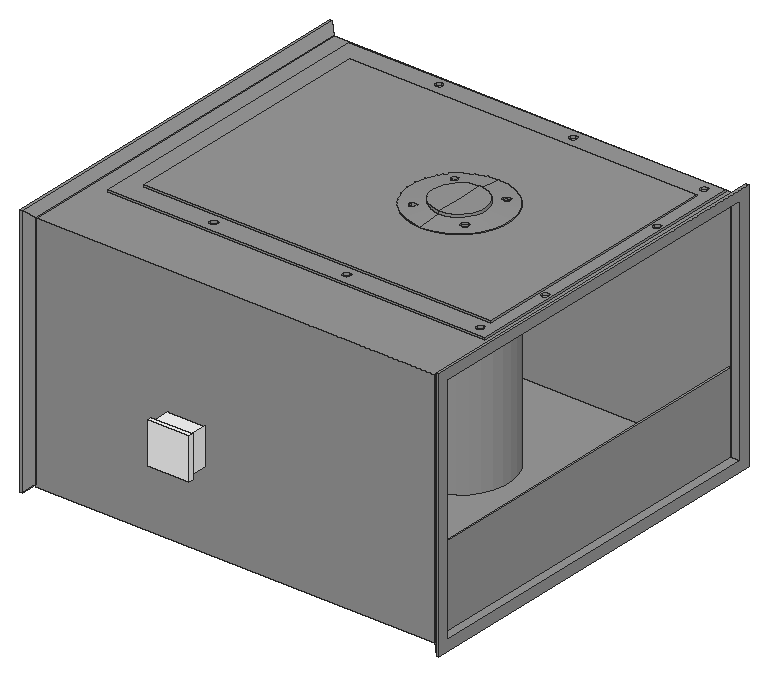
Revit family "RKB 800X500 E3 ErP AC_7480166", category Mechanical Equipment, Revit 2014
Parameters (values of type "RKB 800X500 E3 ErP AC")
  Wiring diagram = "Y 4040004 / Δ4040003"
  Width = 913 mm
  Weight = 64.20 kg
  Voltage range = "380-418 V"
  Voltage = 400 V
  Speed = "1360 rpm"
  Sound pressure level at 3 m = "65 dB(A)"
  Power = 1210 W
  Phase = 3
  Max. temperature of transported air when speed controlled = 60 °C
  Max. temperature of transported air = 60 °C
  Main Material = Steel, Galvanized
  Height = 552 mm
  Frequency = 50 Hz
  Elevation [instance] = 2600 mm
  Description = "UNINSULATED DUCT FANS WITH RECTANGULAR CONNECTIONS"
  Depth = 843 mm
  Current = 2.7 A
  Connector Height = 500 mm
  Connector Width = 800 mm
  Capacitor = "- μF"
Reference planes
  plane 1 "Center (Front/Back)": y = 0
  plane 2: z = 0
  plane 3 "Center (Left/Right)": x = 0
  plane 4: x = -456.5
  plane 5: x = 456.5
  plane 6: y = 421.5
  plane 7: y = -421.5
  plane 8: z = 2600
  plane 9: z = 3152
Dimensions and locks
  equal spacing: plane 4, plane 3 "Center (Left/Right)", plane 5
  "Width": plane 4 to plane 5
  equal spacing: plane 6, plane 1 "Center (Front/Back)", plane 7
  "Depth": plane 6 to plane 7
  "Elevation": plane 8 to level
  "Height": plane 9 to plane 8
  aligned and locked: level to plane 2
  aligned and locked: nested 1 to plane 1 "Center (Front/Back)"
  aligned and locked: plane 1 "Center (Front/Back)" to nested 2
  aligned and locked: plane 3 "Center (Left/Right)" to nested 2
  aligned and locked: nested 2 to plane 8
  aligned and locked: plane 3 "Center (Left/Right)" to nested 1
Nested families
  nested 1: "Flow direction symbol" at (0, 0, 0), type "Flow direction symbol"
  nested 2: "RKB" at (0, 0, 2600), type "RKB"
Connectors
  hvac at (-456.5, 0, 2876), driven by "Connector Height", driven by "Connector Width"
    settings: on nested 2, index 1, duct flow 0.0 L/s, flow factor 0, pres drop 0.0 Pa, loss coef 0, conn angle 0.00°, conn width 800 mm, conn height 500 mm, conn diameter 609.6 mm, duct sys type 1, conn prof type 1, flow config 0, flow direction 1, loss method 0, conn ref index -1, conn util no, is conn primary yes, conn desc ""
  hvac at (456.5, 0, 2876), driven by "Connector Height", driven by "Connector Width"
    settings: on nested 2, index 2, duct flow 0.0 L/s, flow factor 0, pres drop 0.0 Pa, loss coef 0, conn angle 0.00°, conn width 800 mm, conn height 500 mm, conn diameter 609.6 mm, duct sys type 3, conn prof type 1, flow config 0, flow direction 2, loss method 0, conn ref index -1, conn util no, is conn primary no, conn desc ""
  electrical at (-107.218, -455.269, 2818.459), driven by "Phase", driven by "Voltage", driven by "Power"
    settings: on nested 2, index 3, voltage 400 V, apparent load 0 VA, apparent load phase1 1210 VA, apparent load phase2 0 VA, apparent load phase3 0 VA, power factor 1, load classification "HVAC", number of poles 3, system type 31, power factor state 1, is connector primary yes, connector utility no, sub classification motor no, connector description ""
Definition of nested family "RKB"
  Parameters (values of type "RKB")
    Width = 913 mm
    Main Material = Steel, Galvanized
    Height = 552 mm
    Description = ""
    Depth = 843 mm
    Connector Width = 800 mm
    Connector Heigth = 500 mm
  Reference planes
    plane 1 "Center (Front/Back)": y = 0
    plane 2: z = 0
    plane 3 "Center (Left/Right)": x = 0
    plane 4: x = -456.5
    plane 5: x = 456.5
    plane 6: y = 421.5
    plane 7: y = -421.5
    plane 8: z = 552
    plane 9: z = 119
    plane 10: z = 276
    plane 11: z = 526
    plane 12: z = 26
    plane 13: y = 400
    plane 14: y = -400
    plane 15: y = 77.049
    plane 16: x = 102.825
  Forms (mm)
    Sweep 1, solid, material "Steel, Galvanized" <- "Main Material", detail levels medium+fine
      path origin (-456.5, 864.407, 1200) x (0, 1, 0) y (0, 0, 1)
        loop
          line (-442.907, -1200) -> (-442.907, -648) -> (-1285.907, -648) -> (-1285.907, -1200) -> (-442.907, -1200)
      profile origin (-456.5, 421.5, 276) x (0, -1, 0) y (1, 0, 0)
        loop
          line (22.203, 21.231) -> (16.231, 21.231) -> (0, 5) -> (0, 0) -> (22.203, 0) -> (22.203, 21.231)
    Sweep 2, solid, material "Steel, Galvanized" <- "Main Material", detail levels medium+fine
      path origin (456.5, 864.407, 1200) x (0, 1, 0) y (0, 0, 1)
        loop
          line (-442.907, -1200) -> (-442.907, -648) -> (-1285.907, -648) -> (-1285.907, -1200) -> (-442.907, -1200)
      profile origin (456.5, 421.5, 276) x (0, -1, 0) y (1, 0, 0)
        loop
          line (22.203, -21.231) -> (22.203, 0) -> (0, 0) -> (0, -5) -> (16.231, -21.231) -> (22.203, -21.231)
    Revolve 3, solid, material "Steel, Galvanized" <- "Main Material", detail levels medium+fine
      sketch origin (102.825, -10.046, 1214.754) x (0, -1, 0) y (0, 0, 1)
        loop
          line (-86.292, -1181.797) -> (-86.292, -663.128) -> (-141.607, -663.128) -> (-141.607, -668.516) -> (-193.016, -672.754) -> (-193.016, -1181.797) -> (-86.292, -1181.797)
        axis (-86.292, -663.128) -> (-86.292, -1181.797)
      angle from 0 to 360
    Sweep 4, void
      path origin (58.455, 41.828, 1200) x (-1, 0, 0) y (0, 0, 1)
        loop
          line (-1.25, -670.203) -> (-1.25, -620.203)
      profile origin (59.705, 41.828, 554.797) x (1, 0, 0) y (0, 1, 0)
        loop
          circle (49.96, 336.216) r 8
        loop
          circle (-243.834, 337.817) r 8
        loop
          circle (337.928, -277.093) r 8
        loop
          circle (45.48, -275.902) r 8
        loop
          circle (-13.958, 92.298) r 8
        loop
          circle (334.96, 336.216) r 8
        loop
          circle (-244.52, -275.902) r 8
        loop
          circle (100.198, -21.858) r 8
        loop
          circle (-13.958, -21.858) r 8
        loop
          circle (100.198, 92.298) r 8
        loop
          circle (353.54, 184.894) r 8
        loop
          circle (353.54, -120.106) r 8
    Sweep 5, solid, material "Steel, Galvanized" <- "Main Material", detail levels coarse
      path origin (0, 0, 0) x (1, 0, 0) y (0, 1, 0)
        loop
          line (-456.5, 0) -> (456.5, 0)
      profile origin (0, 0, 0) x (0, 1, 0) y (0, 0, 1)
        loop
          line (421.5, 552) -> (-421.5, 552) -> (-421.5, 0) -> (421.5, 0) -> (421.5, 552)
    Sweep 6, solid, material "Steel, Galvanized" <- "Main Material", detail levels medium+fine
      path origin (0, 0, 0) x (0, 1, 0) y (0, 0, 1)
        loop
          line (399.297, 21.203) -> (399.297, 196.203)
      profile origin (0, 399.297, 108.703) x (0, -1, 0) y (1, 0, 0)
        loop
          line (0, -435.269) -> (798.595, -435.269) -> (798.595, -432.269) -> (0, -432.269) -> (0, -435.269)
        loop
          line (0, 435.269) -> (0, 432.269) -> (798.595, 432.269) -> (798.595, 435.269) -> (0, 435.269)
    Sweep 7, solid, material "Plastic", detail levels medium+fine
      path origin (0, 0, 0) x (1, 0, 0) y (0, 1, 0)
        loop
          line (-107.218, -405.269) -> (-107.218, -445.269)
      profile origin (-107.218, -425.269, 0) x (1, 0, 0) y (0, 0, 1)
        loop
          line (-40, 178.459) -> (40, 178.459) -> (40, 258.459) -> (-40, 258.459) -> (-40, 178.459)
    Sweep 8, solid, material "Plastic", detail levels medium+fine
      path origin (0, 0, 0) x (1, 0, 0) y (0, 1, 0)
        loop
          line (-107.218, -445.269) -> (-107.218, -455.269)
      profile origin (-107.218, -450.269, 0) x (1, 0, 0) y (0, 0, 1)
        loop
          line (-45, 263.459) -> (-45, 173.459) -> (45, 173.459) -> (45, 263.459) -> (-45, 263.459)
    Extrusion 9, solid, material "Steel, Galvanized" <- "Main Material"
      sketch origin (0, 0, 97) x (0, 1, 0) y (0, 0, 1)
        loop
          line (399.297, 438.769) -> (399.297, 442.221) -> (-257.401, 442.221) -> (-257.401, 438.769) -> (399.297, 438.769)
      from -397.577 to 425
    Extrusion 10, solid, material "Steel, Galvanized" <- "Main Material"
      sketch origin (0, 0, 97) x (1, 0, 0) y (0, 1, 0)
        loop
          line (-356.376, 352.734) -> (-356.376, -210) -> (400, -210) -> (400, 352.734) -> (-356.376, 352.734)
      from 442.221 to 445
    Extrusion 11, solid, material "Steel, Galvanized" <- "Main Material"
      sketch origin (0, 0, -2.5) x (0, 1, 0) y (0, 0, 1)
        loop
          line (405.269, 538.269) -> (-405.269, 538.269) -> (-405.269, 13.731) -> (405.269, 13.731) -> (405.269, 538.269)
        loop
          line (399.297, 532.297) -> (-399.297, 532.297) -> (-399.297, 21.203) -> (-399.297, 19.703) -> (399.297, 19.703) -> (399.297, 532.297)
      from -435.269 to 435.269
  Cuts and joins
    joined: Sweep 1, Sweep 2
    Sweep 4 cuts Extrusion 9
    Sweep 4 cuts Extrusion 10
    Sweep 4 cuts Revolve 3
  Dimensions and locks
    equal spacing: plane 4, plane 3 "Center (Left/Right)", plane 5
    "Width": plane 4 to plane 5
    equal spacing: plane 6, plane 1 "Center (Front/Back)", plane 7
    "Depth": plane 6 to plane 7
    "Height": plane 8 to level
    Sweep 4 sketch curve to plane 8 to Sweep 4 sketch curve = 27.797 mm locked, 22.203 mm locked
    locked: plane 6 to Sweep 6 sketch curve at 22.203  (x2)
    locked: plane 4 to Sweep 6 sketch curve at 21.231
    locked: Sweep 6 sketch curve to Sweep 6 sketch curve at 3  (x2)
    locked: Sweep 6 sketch curve to plane 7 at 22.203  (x2)
    locked: Sweep 6 sketch curve to plane 6 at 22.203
    locked: Sweep 6 sketch curve to plane 5 at 21.231
    Sweep 7 sketch curve to plane 7 to Sweep 7 sketch curve = 16.231 mm, 23.769 mm
    plane 7 to Sweep 8 sketch curve to Sweep 8 sketch curve = 23.769 mm, 10 mm locked
    equal spacing: plane 8, plane 10, plane 2
    "Connector Heigth": plane 11 to plane 12
    equal spacing: plane 11, plane 10, plane 12
    "Connector Width": plane 13 to plane 14
    equal spacing: plane 13, plane 1 "Center (Front/Back)", plane 14
    plane 1 "Center (Front/Back)" to Extrusion 9 = 399.297 mm
    aligned and locked: level to plane 2
    aligned and locked: Sweep 1 sketch curve to plane 6
    aligned and locked: plane 7 to Sweep 1 sketch curve
    aligned and locked: plane 2 to Sweep 1 sketch curve
    aligned and locked: Sweep 1 sketch curve to plane 8
    aligned and locked: Sweep 2 sketch curve to plane 8
    aligned and locked: plane 2 to Sweep 2 sketch curve
    aligned and locked: plane 7 to Sweep 2 sketch curve
    aligned and locked: Sweep 2 sketch curve to plane 6
    aligned and locked: plane 1 "Center (Front/Back)" to Sweep 5 sketch curve
    aligned and locked: plane 2 to Sweep 5 sketch curve
    aligned and locked: plane 7 to Sweep 5 sketch curve
    aligned and locked: Sweep 5 sketch curve to plane 6
    aligned and locked: Sweep 5 sketch curve to plane 8
    aligned and locked: cut or joined group of Sweep 4, Extrusion 10 to cut or joined group of Sweep 4, Extrusion 9
    aligned and locked: cut or joined group of Sweep 1, Sweep 2 to Extrusion 11
    aligned and locked: Extrusion 11 to cut or joined group of Sweep 1, Sweep 2
  Automatic sketch dimensions
    Sweep 1 sketch curve to profile plane = 0 mm
    Sweep 1 sketch curve to plane 4 = 0 mm
    Sweep 1 sketch curve to profile plane = 16.231 mm
    Sweep 1 sketch curve to Sweep 1 sketch curve = 5.972 mm
    plane 4 to Sweep 1 sketch curve = 5 mm
    plane 4 to Sweep 1 sketch curve = 21.231 mm
    Sweep 2 sketch curve to profile plane = 0 mm
    Sweep 2 sketch curve to plane 5 = 0 mm
    Sweep 2 sketch curve to profile plane = 16.231 mm
    Sweep 2 sketch curve to Sweep 2 sketch curve = 5.972 mm
    Sweep 2 sketch curve to Sweep 2 sketch curve = 5 mm
    Sweep 2 sketch curve to Sweep 2 sketch curve = 21.231 mm
    Sweep 5 sketch curve to plane 4 = 0 mm
    Sweep 5 sketch curve to plane 5 = 0 mm
    profile plane to Sweep 7 sketch curve = 40 mm
    Sweep 7 sketch curve to profile plane = 40 mm
    level to Sweep 7 sketch curve = 178.459 mm
    Sweep 7 sketch curve to Sweep 7 sketch curve = 80 mm
    profile plane to Sweep 8 sketch curve = 45 mm
    Sweep 8 sketch curve to profile plane = 45 mm
    level to Sweep 8 sketch curve = 173.459 mm
    Sweep 8 sketch curve to Sweep 8 sketch curve = 90 mm
    plane 3 "Center (Left/Right)" to Sweep 4 sketch curve = 59.705 mm
    Extrusion 9 sketch curve to plane 13 = 0.703 mm
    plane 14 to Extrusion 9 sketch curve = 142.599 mm
    Extrusion 9 sketch curve to Extrusion 9 sketch curve = 3.451 mm
    plane 11 to Extrusion 9 sketch curve = 9.769 mm
    Sweep 7 sketch curve to plane 3 "Center (Left/Right)" = 107.218 mm
    Sweep 8 sketch curve to plane 3 "Center (Left/Right)" = 107.218 mm
    plane 4 to Extrusion 10 sketch curve = 100.124 mm
    Extrusion 10 sketch curve to plane 5 = 56.5 mm
    plane 1 "Center (Front/Back)" to Extrusion 10 sketch curve = 210 mm
    Extrusion 10 sketch curve to plane 13 = 47.266 mm
    Extrusion 11 sketch curve to plane 14 = 5.269 mm
    plane 14 to Extrusion 11 sketch curve = 0.703 mm
    plane 13 to Extrusion 11 sketch curve = 5.269 mm
    Extrusion 11 sketch curve to plane 12 = 14.769 mm
    Extrusion 11 sketch curve to plane 12 = 8.797 mm
    Extrusion 11 sketch curve to Extrusion 11 sketch curve = 1.5 mm
    plane 11 to Extrusion 11 sketch curve = 3.797 mm
    Extrusion 11 sketch curve to Extrusion 11 sketch curve = 5.972 mm
    Extrusion 11 sketch curve to plane 13 = 0.703 mm
    plane 12 to Revolve 3 sketch curve = 6.956 mm
    plane 15 to Revolve 3 sketch curve = 105.922 mm
    Revolve 3 sketch curve to plane 8 = 0.374 mm
    Revolve 3 sketch curve to Revolve 3 sketch curve = 51.409 mm
    Revolve 3 sketch curve to plane 15 = 0.803 mm  (x2)
    Revolve 3 sketch curve to plane 8 = 10 mm
    Revolve 3 sketch curve to plane 8 = 5.762 mm
    Revolve 3 sketch curve to Revolve 3 sketch curve = 0 mm
    plane 8 to Revolve 3 sketch curve = 15.84 mm
    profile plane to Sweep 4 sketch curve = 244.52 mm
    profile plane to Sweep 4 sketch curve = 243.834 mm
    profile plane to Sweep 4 sketch curve = 13.958 mm  (x2)
    Sweep 4 sketch curve to profile plane = 45.48 mm
    Sweep 4 sketch curve to profile plane = 49.96 mm
    Sweep 4 sketch curve to profile plane = 21.858 mm  (x2)
    Sweep 4 sketch curve to profile plane = 100.198 mm  (x2)
    Sweep 4 sketch curve to Sweep 4 sketch curve = 285 mm
    Sweep 4 sketch curve to Sweep 4 sketch curve = 292.448 mm
    Sweep 4 sketch curve to Sweep 4 sketch curve = 15.612 mm
    Sweep 4 sketch curve to Sweep 4 sketch curve = 18.58 mm
    Sweep 4 sketch curve to profile plane = 120.106 mm
    Sweep 4 sketch curve to Sweep 4 sketch curve = 254.044 mm
    Sweep 4 sketch curve to profile plane = 275.902 mm
    Sweep 4 sketch curve to Sweep 4 sketch curve = 156.987 mm
    profile plane to Sweep 4 sketch curve = 92.298 mm  (x2)
    profile plane to Sweep 4 sketch curve = 184.894 mm
    Sweep 4 sketch curve to Sweep 4 sketch curve = 243.917 mm
    Sweep 4 sketch curve to Sweep 4 sketch curve = 151.322 mm
    Sweep 4 sketch curve to Sweep 4 sketch curve = 1.601 mm
    Sweep 6 sketch curve to plane 12 = 4.797 mm
    plane 9 to Sweep 6 sketch curve = 77.203 mm
    radius of Sweep 4 sketch curve = 8 mm  (x12)
Definition of nested family "Flow direction symbol"
  Parameters (values of type "Flow direction symbol")
    Warning = "!"
    Text = "DIMENSIONS OVERCONSTRAINT"
  Reference planes
    plane 1: y = 0
    plane 2: x = 0
  Lines and regions (mm)
    detail lines
      curve 1: line (-0.506, 0.877, 0) -> (-0.506, -0.877, 0)
      curve 2: line (1.012, 0, 0) -> (-0.506, -0.877, 0)
      curve 3: line (-0.506, 0.877, 0) -> (1.012, 0, 0)
      curve 4: circle (0, 0, 0) r 1 normal (0, 0, 1)
